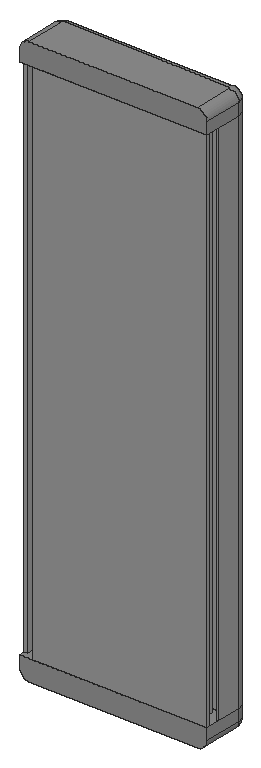
Revit family "JC KONTAKTER JCK207 Armbågskontakt", category Specialty Equipment, host Wall, Revit 2025
Family settings
  Host = Wall
  Round Connector Dimension = Use Diameter
  Part Type = Normal
  Enable Cutting in Views = Yes
  Always vertical = Yes
  Cut with Voids When Loaded = No
  Maintain Annotation Orientation = No
  Shared = No
  Room Calculation Point = No
Parameters (values of type "Armbågskontakt JCK207")
  Core Finish = Aluminum ENAW 6060
  URL = "https://jckontakter.se/produkt/armbagskontakter-metall/armbagskontakt-i-aluminium-jck207/"
  Tillverkarens land = "Sverige"
  Tillvalsförteckning = "https://jckontakter.se/wp-content/uploads/sites/2/Tillval_metall_2024.pdf"
  Teknisk produktblad = "https://jckontakter.se/wp-content/uploads/2019/09/Tekniskt-blad_JCK207.245.pdf"
  Produktvikt = "0.305 kg"
  Placering information = "https://jckontakter.se/start/nyheter-och-information/armbagskontakter-placering-riktlinjer/"
  Nominell märkström = "12 V - Resistive 6A Inductive L/R 5ms 6A, 24 V - Resistive 6A Inductive L/R 5ms 5A"
  Model = "JCK207"  # constant formula
  Microbrytare = "Standard NO IP67"
  Manufacturer = "JC Kontakter"  # constant formula
  Längsta märkström = "1mA/4 V DC"
  Lid Finish = Aluminum ENAW 6060
  Keynote = ""
  End Cap Finish = POM Tenac C 4520
  Description = "JCK207 tillhör en serie armbågskontakter som har en plan tryckyta med fyra taktila rillor i. Rillorna fungerar som extra vägledning för personer med synnedsättning. Man kan enkelt känna sig till vart man ska trycka för att aktivera dörröppning. JCK207 är tillverkad i silvereloxerad aluminium och har mörkgrå endcaps. Den levereras med 1st mikrobrytare i IP67."  # constant formula
  Default Elevation = 0 mm
  CE Dokument = "https://jckontakter.se/wp-content/uploads/CE_Dokument.pdf"
  Assembly Code = ""
  Antal mikrobrytare = 1
Reference planes
  plane 1 "Wall": y = 0
  plane 2 "Center (Left/Right)": x = 125
  plane 3 "Back": y = 75
  plane 4 "A": z = 800
Lines and regions (mm)
  Masking region 1
    outline origin (0, 0, -100) x (1, 0, 0) y (0, 0, 1)
      loop
        line (175, 1145) -> (75, 1145) -> (75, 900) -> (175, 900) -> (175, 1145)
  symbolic lines
    curve 1: line (75, 125, 0) -> (175, 125, 0)
    curve 2: line (75, 75, 0) -> (75, 125, 0)
    curve 3: line (175, 75, 0) -> (75, 75, 0)
    curve 4: line (175, 125, 0) -> (175, 75, 0)
    curve 5: line (175, 0, 1045) -> (75, 0, 1045)
    curve 6: line (175, 0, 800) -> (175, 0, 1045)
    curve 7: line (75, 0, 800) -> (175, 0, 800)
    curve 8: line (75, 0, 1045) -> (75, 0, 800)
Text (mm)
  text "Placement Side" at (-1848.837, 1116.779, 0), in view "Ref. Level"
  text "Placement side" at (0, 1409.804, 2854.306), in view "Left"
  text "Placement side" at (0, 499.811, 2980.732), in view "Right"
Dimensions and locks
  locked: plane 3 "Back" to host wall
  locked: curve 3 to curve 1 at 50
  aligned and locked: plane 1 "Wall" to host wall
  aligned and locked: nested 1 to plane 4 "A"
  aligned and locked: nested 1 to plane 3 "Back"
  aligned and locked: curve 3 to plane 3 "Back"
  aligned and locked: plane 4 "A" to curve 7
  aligned and locked: curve 5 to nested 1
  aligned and locked: curve 6 to Masking region 1
  aligned and locked: Masking region 1 to curve 8
Nested families
  nested 1: "AK_207" at (125, 75, 800) x (-1, 0, 0) z (0, 0, 1), type "AK_207", detail levels medium+fine
Definition of nested family "AK_207"
  Parameters (values of type "AK_207")
    Core Finish = none
    URL = "https://jckontakter.se/produkt/armbagskontakter-metall/armbagskontakt-i-aluminium-jck207/"
    Model = "JCK207"  # constant formula
    Manufacturer = "JC Kontakter"  # constant formula
    Lid Finish = none
    End Cap Finish = none
    Description = "JCK207 tillhör en serie armbågskontakter som har en plan tryckyta med fyra taktila rillor i. Rillorna fungerar som extra vägledning för personer med synnedsättning. Man kan enkelt känna sig till vart man ska trycka för att aktivera dörröppning. JCK207 är tillverkad i silvereloxerad aluminium och har mörkgrå endcaps. Den levereras med 1st mikrobrytare i IP67."  # constant formula
    Default Elevation = 0 mm
  Types (2): name
    AK_207
    AK 207
  Reference planes
    plane 1 "Center (Front/Back)": y = 0
    plane 2: z = 0
    plane 3 "Center (Left/Right)": x = 0
    plane 4 "1": x = 40
    plane 5 "A": z = 9
    plane 6 "B": z = 236
  Forms (mm)
    Extrusion 1, solid, material <- "Core Finish", detail levels medium+fine
      sketch origin (40, 0, 9) x (1, 0, 0) y (0, 1, 0)
        loop
          line (-80, 0) -> (-80, -1.2) -> (-75, -1.2) -> (-75, -8.75) -> (-73.2, -8.75) -> (-73.2, -1.2) -> (-11.2, -1.2) -> (-11.2, -8.75) -> (-2.249, -8.75)
          arc (-2.249, -8.75) -> (-3.331, -3.54) -> (-8.11, -1.2) r 6.05
          line (-8.11, -1.2) -> (-5.54, -1.2) -> (-5.54, 0) -> (-80, 0)
      from 0 to 227
    Extrusion 2, solid, material <- "Lid Finish", detail levels medium+fine
      sketch origin (-40, 0, 9) x (-1, 0, 0) y (0, -1, 0)
        loop
          line (-3.92, 11.41) -> (-0.92, 6.4) -> (0, 6.4) -> (0, 16.83)
          arc (0, 16.83) -> (-1.464, 20.366) -> (-5, 21.83) r 5
          line (-5, 21.83) -> (-8, 21.83) -> (-8, 22.83) -> (-10, 22.83) -> (-10, 21.83) -> (-14, 21.83) -> (-14, 22.83) -> (-16, 22.83) -> (-16, 21.83) -> (-20, 21.83) -> (-20, 22.83) -> (-22, 22.83) -> (-22, 21.83) -> (-26, 21.83) -> (-26, 22.83) -> (-28, 22.83) -> (-28, 21.83) -> (-75, 21.83)
          arc (-75, 21.83) -> (-78.536, 20.366) -> (-80, 16.83) r 5
          line (-80, 16.83) -> (-80, 2.38) -> (-78.4, 2.38) -> (-78.4, 11.41) -> (-3.92, 11.41)
      from 0 to 227
    Extrusion 3, solid, material <- "End Cap Finish", detail levels medium+fine
      sketch origin (-40, 0, 0) x (1, 0, 0) y (0, 1, 0)
        loop
          arc (0, -16.83) -> (1.464, -20.366) -> (5, -21.83) r 5
          line (5, -21.83) -> (75, -21.83)
          arc (75, -21.83) -> (78.536, -20.366) -> (80, -16.83) r 5
          line (80, -16.83) -> (80, 0) -> (0, 0) -> (0, -16.83)
      from 0 to 9
    Sweep 4, void
      path origin (0, 0, 0) x (1, 0, 0) y (0, 1, 0)
        loop
          line (42, 0) -> (42, -16.83)
          arc (42, -16.83) -> (39.95, -21.78) -> (35, -23.83) r 7
          line (35, -23.83) -> (-35, -23.83)
          arc (-35, -23.83) -> (-39.95, -21.78) -> (-42, -16.83) r 7
          line (-42, -16.83) -> (-42, 0)
      profile origin (0, -23.83, 0) x (0, -1, 0) y (0, 0, 1)
        loop
          line (-1, 4) -> (-2, 4)
          arc (-2, 4) -> (-3.172, 1.172) -> (-6, 0) r 4
          line (-6, 0) -> (-6, -1) -> (-1, -1) -> (-1, 4)
    Extrusion 5, solid, material <- "End Cap Finish", detail levels medium+fine
      sketch origin (0, 0, 236) x (-1, 0, 0) y (0, -1, 0)
        loop
          arc (40, 16.83) -> (38.536, 20.366) -> (35, 21.83) r 5
          line (35, 21.83) -> (-35, 21.83)
          arc (-35, 21.83) -> (-38.536, 20.366) -> (-40, 16.83) r 5
          line (-40, 16.83) -> (-40, 0) -> (40, 0) -> (40, 16.83)
      from 0 to 9
    Sweep 6, void
      path origin (0, 0, 236) x (-1, 0, 0) y (0, -1, 0)
        loop
          line (-42, 0) -> (-42, 16.83)
          arc (-42, 16.83) -> (-39.95, 21.78) -> (-35, 23.83) r 7
          line (-35, 23.83) -> (35, 23.83)
          arc (35, 23.83) -> (39.95, 21.78) -> (42, 16.83) r 7
          line (42, 16.83) -> (42, 0)
      profile origin (0, -23.83, 236) x (0, -1, 0) y (0, 0, 1)
        loop
          line (-1, 5) -> (-1, 10) -> (-6, 10) -> (-6, 9)
          arc (-6, 9) -> (-3.172, 7.828) -> (-2, 5) r 4
          line (-2, 5) -> (-1, 5)
    Extrusion 7, void
      sketch origin (0, 0, 0) x (1, 0, 0) y (0, 1, 0)
        loop
          circle (-31.75, -8.25) r 3.75
        loop
          circle (31.75, -8.25) r 3.75
      from 0 to 4
  Cuts and joins
    Sweep 4, Sweep 6, Extrusion 7 cuts Extrusion 3
    Sweep 6 cuts Extrusion 5
  Dimensions and locks
    aligned and locked: level to plane 2
